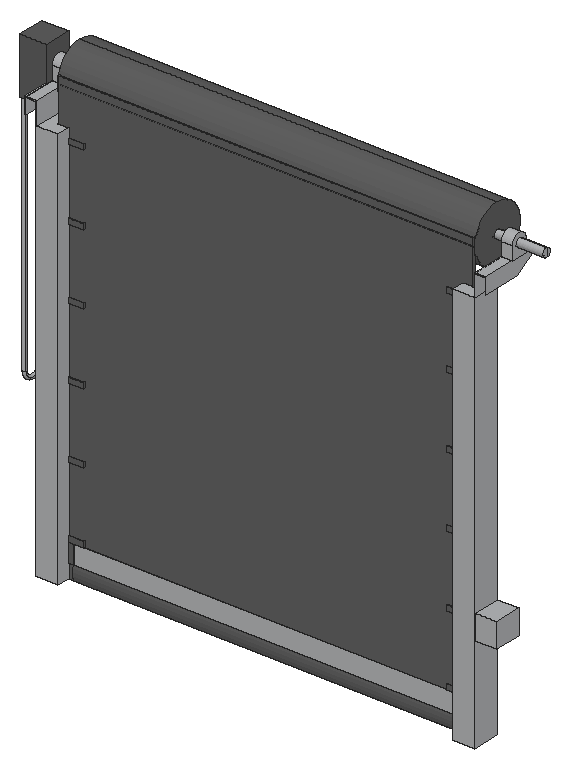
Revit family "Overhead_Door-CHI-MaxDock_Manual", category Specialty Equipment, host Wall, Revit 2025
Family settings
  Host = Wall
  Round Connector Dimension = Use Diameter
  Part Type = Normal
  OmniClass Number = 23.30.10.21
  OmniClass Title = Special Function Doors
  Enable Cutting in Views = No
  Always vertical = Yes
  Cut with Voids When Loaded = No
  Maintain Annotation Orientation = No
  Shared = No
  Room Calculation Point = No
Parameters (values of type "MaxDock - 100 - Gray - 1/4" Reinforced Rubber Curtain")
  Warranty URL = "https://www.chiohd.com/support/warranty"
  Vision Windows [instance] = no
  Version = "2021-v1.a"  # constant formula
  URL = "https://www.chiohd.com/"
  Support Phone = "(224) 699-9545"  # constant formula
  Support Email = "mailto:support@bimsmith.com"
  Steel Gauge = "1/4\""  # constant formula
  Shutter Box Height = 1' - 1"  # constant formula
  Product Page URL = "https://www.chiohd.com/commercial-doors/high-performance/maxdock"
  Product Documentation Link = "https://www.chiohd.com/hubfs/PMax/maxdock.pdf"
  Panel Thickness = 0' - 0 1/4"  # constant formula
  Opening Width [instance] = if(Desired Opening Width > C Max Width, C Max Width, if(Desired Opening Width < C Min Width, C Min Width, Desired Opening Width))  # 6' - 0"
  Opening Speed = "Manual"  # constant formula
  Opening Height [instance] = if(Desired Opening Height > C Max Height, C Max Height, if(Desired Opening Height < C Min Height, C Min Height, Desired Opening Height))  # 6' - 0"
  Model = "100"  # constant formula
  Manufacturer Phone Number = "800-738-5006"  # constant formula
  Manufacturer Fax Number = "800-677-2650"  # constant formula
  Manufacturer Email = "mailto:aia@chiohd.com"
  Manufacturer Address = "1485 Sunrise Drive, Arthur, IL 61911"  # constant formula
  Manufacturer = "C.H.I. Overhead Doors"  # constant formula
  Keynote = "08 30 00"
  Inside Hood Components [instance] = not(Hood Cover)  # yes
  Hood Cover [instance] = no
  Door Size Limits [instance] = "Min Size 6' x 6' │ Max Size 10' x 10'"  # constant formula
  Desired Opening Height [instance] = 6' - 0"
  Desired Opening Width [instance] = 6' - 0"
  Description = "Hight Performance Rubber Door"  # constant formula
  Default Elevation = 0' - 0"
  Curtain Material = Rubber - C.H.I Overhead Doors - Reinforced Black Rubber
  Copyright = "©2024 C.H.I. Overhead Doors - a NUCOR® company All information presented is based on the specifications and features available at the time of printing and is subject to change without notice."  # constant formula
  Closing Speed = "Manual"  # constant formula
  Door Rail Width = 0' - 4"  # constant formula
  Door Rail Depth = 0' - 5"  # constant formula
  Chain Length [instance] = Opening Width - 2' 2 3/4" - 0' 2 5/16"  # 3' - 6 15/16"
  C Min Width [instance] = 6' - 0"  # constant formula
  C Min Height [instance] = 6' - 0"  # constant formula
  C Max Width [instance] = 10' - 0"  # constant formula
  C Max Height [instance] = 10' - 0"  # constant formula
  Shutter Box Depth = 1' - 3"  # constant formula
  Assembly Code = "B2030410"
  Array Number [instance] = ((Opening Width - (0' 5 7/8") * 2) / 0' 10") - 0.49  # 6
Reference planes (in)
  plane 1: y = 0
  plane 2 "Center (Left/Right)": x = 0
  plane 3 "Wall Edge": y = 3
  plane 4: x = -36
  plane 5: x = 36
  plane 6: z = 73.59
  plane 7: z = 0
  plane 8: z = 86.59
  plane 9: y = 18
  plane 10: y = 8
  plane 11: x = 40
  plane 12: x = -40
  plane 13: y = 10.5
  plane 14: y = 5.375
  plane 15: z = 72
  plane 16: x = -47
  plane 17: z = 2.625
  plane 18: z = 6.125
  plane 19: x = 35
  plane 20: x = -35
  plane 21: z = 4.375
  plane 22: x = 30.125
  plane 23: x = -30.125
  plane 24: z = 73.59
  plane 25: z = 80.09
  plane 26: z = 77.6669
  plane 27: x = 42
  plane 28: x = -42
  plane 29: y = 5.5
  plane 30: x = 38
  plane 31: x = -38
  plane 32: x = 18
  plane 33: x = -18
  plane 34: z = 60
  plane 35: z = 26.75
  plane 36: x = 47
Forms (in)
  Extrusion 1, solid, material "Metal - Powder Coat - C.H.I Overhead Doors - Gray"
    sketch origin (0, 0, 0) x (1, 0, 0) y (0, 1, 0)
      loop
        line (-40, 8) -> (-40, 3) -> (-36, 3) -> (-36, 5.375) -> (-38, 5.375) -> (-38, 5.625) -> (-36, 5.625) -> (-36, 8) -> (-40, 8)
      loop
        line (40, 3) -> (40, 8) -> (36, 8) -> (36, 5.625) -> (38, 5.625) -> (38, 5.375) -> (36, 5.375) -> (36, 3) -> (40, 3)
    from 0 to 73.59
  Extrusion 2, solid, material "Rubber - C.H.I Overhead Doors - Reinforced Black Rubber", detail levels fine
    sketch origin (0, 0, 0) x (0, 1, 0) y (0, 0, 1)
      loop
        line (5.625, 2.625) -> (5.375, 2.625)
        arc (5.375, 2.625) -> (5.11631, 1.3125) -> (5.375, 0) r 3.45891
        line (5.375, 0) -> (5.625, 0)
        arc (5.625, 0) -> (5.8674, 1.3125) -> (5.625, 2.625) r 3.67448
    from -35 to 35
  Extrusion 3, solid, material "Metal - Powder Coat - C.H.I Overhead Doors - Gray", visible <- "Inside Hood Components"
    sketch origin (0, 6.875, 0) x (-1, 0, 0) y (0, 0, 1)
      loop
        line (-41.8882, 77.5419) -> (-40, 77.5419) -> (-40, 73.59) -> (-39.875, 73.59) -> (-39.875, 77.6669) -> (-42, 77.6669) -> (-42, 74.74078) -> (-41.8882, 74.74078) -> (-41.8882, 77.5419)
      loop
        line (41.8882, 77.5419) -> (41.8882, 74.74078) -> (42, 74.74078) -> (42, 77.6669) -> (39.875, 77.6669) -> (39.875, 73.59) -> (40, 73.59) -> (40, 77.5419) -> (41.8882, 77.5419)
    from -3.875 to 11.125
  Extrusion 4, void
    sketch origin (0, 0, 0) x (0, 1, 0) y (0, 0, 1)
      loop
        line (18, 79.5419) -> (8, 73.59) -> (18, 73.59) -> (18, 79.5419)
    from -47 to 42
  Revolve 5, solid, material "Rubber - C.H.I Overhead Doors - Reinforced Black Rubber" <- "Curtain Material", visible <- "Inside Hood Components"
    sketch origin (-51.88388, 10.5, 240) x (-1, 0, 0) y (0, 0, 1)
      loop
        line (-98.88388, -159.91) -> (-4.88387, -159.91) -> (-4.88387, -159.16) -> (-98.88388, -159.16) -> (-98.88388, -159.91)
      axis (-98.88388, -159.91) -> (-4.88387, -159.91)
    angle from 0 to 360
  Extrusion 6, solid, material "Metal - Powder Coat - C.H.I Overhead Doors - Gray", visible <- "Inside Hood Components"
    sketch origin (59, 9, 117.1959) x (0, 0, 1) y (0, 1, 0)
      loop
        line (-37.1059, 3) -> (-39.529, 3) -> (-39.529, 0) -> (-37.1059, 0)
        arc (-37.1059, 0) -> (-35.6059, 1.5) -> (-37.1059, 3) r 1.5
    from 17 to 19
  Extrusion 7, solid, material "Metal - Powder Coat - C.H.I Overhead Doors - Gray", visible <- "Inside Hood Components"
    sketch origin (-59.48062, 9, 117.119) x (0, 0, 1) y (0, -1, 0)
      loop
        arc (-37.029, -3) -> (-35.529, -1.5) -> (-37.029, 0) r 1.5
        line (-37.029, 0) -> (-39.45211, 0) -> (-39.45211, -3) -> (-37.029, -3)
    from 17.48062 to 19.48062
  Extrusion 8, solid, material "Metal - C.H.I Overhead Doors - Black", visible <- "Inside Hood Components"
    sketch origin (-47, 9, 105.26562) x (0, 0, 1) y (0, 1, 0)
      loop
        line (-21.34671, 4) -> (-31.67562, 4) -> (-31.67562, -1) -> (-21.34671, -1) -> (-21.34671, 4)
    from 0 to -5
  Extrusion 9, solid, material "Metal - Powder Coat - C.H.I Overhead Doors - Gray", detail levels medium+fine
    sketch origin (-36, 47.86052, 48) x (0, 1, 0) y (0, 0, 1)
      loop
        line (-42.05974, -41.875) -> (-42.6613, -41.875) -> (-42.6613, -45.375) -> (-42.05974, -45.375) -> (-42.05974, -41.875)
    from 1 to 71
  Sweep 10, solid, material "Metal - Powder Coat - C.H.I Overhead Doors - Gray", detail levels medium+fine
    path origin (-47, 9, 105.26562) x (0, 0, 1) y (0, 1, 0)
      loop
        line (-31.67562, 3.33333) -> (-76.4067, 3.33333)
        arc (-76.4067, 3.33333) -> (-78.24003, 1.5) -> (-76.4067, -0.33333) r 1.83333
        line (-76.4067, -0.33333) -> (-31.67562, -0.33333)
    profile origin (-47, 12.33333, 51.22446) x (-1, 0, 0) y (0, -1, 0)
      loop
        circle (-0.31348, 0) r 0.31348
  Extrusion 11, solid, material "Metal - Powder Coat - C.H.I Overhead Doors - Gray"
    sketch origin (0, 3, 0) x (1, 0, 0) y (0, 0, 1)
      loop
        line (44, 22.125) -> (40, 22.125) -> (40, 17.625) -> (44, 17.625) -> (44, 22.125)
    from 0 to -5
  Extrusion 12, solid, material "Rubber - C.H.I Overhead Doors - Reinforced Black Rubber" <- "Curtain Material"
    sketch origin (-47, 9, 105.26562) x (0, 0, 1) y (0, 1, 0)
      loop
        circle (-25.17562, 1.5) r 5.125
    from -9 to -85
  Extrusion 13, solid, material "Metal - Powder Coat - C.H.I Overhead Doors - Gray", visible <- "Hood Cover"
    sketch origin (-47, 9, 105.26562) x (0, 0, 1) y (0, 1, 0)
      loop
        line (-13.67562, -6) -> (-13.67562, 12) -> (-31.67562, 12) -> (-31.67562, -6) -> (-13.67562, -6)
    from -89 to 0
Cuts and joins
  Extrusion 4 cuts Extrusion 3
Lines and regions (in)
  Opening 1
    outline origin (-60, -3, 0) x (1, 0, 0) y (0, 0, 1)
      loop
        line (96, 72) -> (24, 72) -> (24, 0) -> (96, 0) -> (96, 72)
  model lines, detail levels fine
    curve 1: circle (30.125, 5.19922, 4.375) r 0.5 normal (0, 1, 0)
    curve 2: circle (-30.125, 5.19922, 4.375) r 0.5 normal (0, 1, 0)
    curve 3: circle (18.075, 5.19922, 4.375) r 0.5 normal (0, 1, 0)
    curve 4: circle (6.025, 5.19922, 4.375) r 0.5 normal (0, 1, 0)
    curve 5: circle (-6.025, 5.19922, 4.375) r 0.5 normal (0, 1, 0)
    curve 6: circle (-18.075, 5.19922, 4.375) r 0.5 normal (0, 1, 0)
Text (in)
  text "Placement Side" at (0, 40.15149, 123.01588), in view "Right"
  text "Placement Side" at (-85.69711, 32.58532, 0), in view "Ref. Level"
  text "Placement Side" at (0, 92.16658, 149.30195), in view "Left"
Dimensions and locks (in)
  locked: plane 3 "Wall Edge" to host wall
  "Shutter Box Depth": plane 9 to plane 3 "Wall Edge"
  "Door Rail Depth": plane 10 to plane 3 "Wall Edge"
  equal spacing: plane 9, plane 13, plane 3 "Wall Edge"
  locked: plane 4 to plane 16 at 11
  "Opening Height": plane 7 to plane 15
  "Opening Width": plane 5 to plane 4
  equal spacing: plane 5, plane 2 "Center (Left/Right)", plane 4  (x2)
  "Shutter Box Height": plane 6 to plane 8
  equal spacing: plane 11, plane 2 "Center (Left/Right)", plane 12
  "Door Rail Width": plane 11 to plane 5
  locked: plane 17 to plane 18 at 3.5
  locked: plane 7 to plane 17 at 2.625
  equal spacing: plane 20, plane 2 "Center (Left/Right)", plane 19
  locked: plane 19 to plane 5 at 1
  equal spacing: plane 17, plane 21, plane 18
  locked: plane 22 to plane 5 at 5.875
  locked: plane 23 to plane 4 at 5.875
  equal spacing: group 2, group 16, group 5, group 4, group 3, group 1
  equal spacing: group 1, group 3, group 4, group 5, group 16, group 2  (x2)
  equal spacing: group 6, group 8, group 9, group 10, group 17, group 7  (x3)
  equal spacing: group 11, group 13, group 14, group 15, group 18, group 12  (x3)
  Extrusion 2 sketch curve to plane 14 to Extrusion 2 sketch curve = 0' - 3.20022" locked, 0' - 3.18208" locked
  plane 11 to plane 5 = 0' - 4"
  locked: Extrusion 3 sketch curve to plane 11 at 0.125
  locked: Extrusion 3 sketch curve to plane 12 at 0.125
  locked: Extrusion 3 sketch curve to Extrusion 3 sketch curve at 0.1118  (x2)
  locked: Extrusion 4 sketch curve to plane 6 at 5.9519
  locked: plane 8 to plane 24 at 13
  equal spacing: plane 8, plane 25, plane 24
  locked: plane 25 to Revolve 5 sketch curve at 0.75
  Extrusion 6 to plane 13 to Extrusion 6 = 0' - 1 1/2", 0' - 1 1/2"
  locked: Extrusion 7 sketch curve to Extrusion 7 sketch curve at 3
  plane 25 to Extrusion 7 sketch curve = 0' - 2.4231"
  locked: plane 25 to Extrusion 6 sketch curve at 2.4231
  plane 24 to Extrusion 3 sketch curve to Extrusion 3 sketch curve = 0' - 3.9519" locked, 0' - 0 1/8" locked  (x2)
  locked: plane 12 to Extrusion 3 sketch curve at 1.8882
  plane 24 to cut or joined group of Extrusion 3, Extrusion 4 = 0' - 1.15078"
  locked: plane 24 to Extrusion 3 sketch curve at 1.15078  (x2)
  locked: plane 26 to plane 25 at 2.4231
  locked: plane 11 to plane 27 at 2
  locked: plane 12 to plane 28 at 2
  equal spacing: Extrusion 8 sketch curve, plane 13, plane 10
  locked: Extrusion 8 sketch curve to plane 10 at 5
  locked: plane 26 to Extrusion 8 sketch curve at 6.25202
  locked: plane 29 to plane 14 at 0.125
  locked: plane 31 to plane 4 at 2
  locked: plane 5 to plane 30 at 2
  Extrusion 9 sketch curve to plane 29 to Extrusion 9 sketch curve = 0' - 0 77/256" locked, 0' - 0 77/256" locked
  equal spacing: Sweep 10 sketch curve, plane 13, Sweep 10 sketch curve
  locked: Sweep 10 sketch curve to plane 13 at 1.83333
  locked: profile plane to Sweep 10 sketch curve at 0.31348
  locked: plane 14 to Extrusion 1 sketch curve at 0.25  (x2)
  locked: curve 1 to plane 22 at 0.5
  locked: plane 23 to curve 2 at 0.5
  locked: Extrusion 11 sketch curve to Extrusion 11 sketch curve at 4.5
  locked: Extrusion 11 sketch curve to Extrusion 11 sketch curve at 4
  locked: plane 7 to Extrusion 11 sketch curve at 17.625
  equal spacing: plane 5, plane 32, plane 2 "Center (Left/Right)"
  equal spacing: plane 2 "Center (Left/Right)", plane 33, plane 4
  locked: plane 7 to plane 34 at 60
  equal spacing: plane 10, plane 29, plane 3 "Wall Edge"
  locked: plane 8 to Extrusion 8 at 2.67108
  locked: Extrusion 8 to plane 10 at 5
  locked: plane 7 to plane 35 at 26.75
  plane 15 to plane 24 = 0' - 1.59"
  locked: plane 35 to Sweep 10 sketch curve at 0.27559
  locked: plane 15 to plane 24 at 1.59
  locked: plane 36 to plane 5 at 11
  locked: Extrusion 13 sketch curve to plane 3 "Wall Edge" at 18
  locked: Extrusion 13 sketch curve to plane 24 at 18
  radius of Extrusion 2 sketch curve = 0' - 3.45891"
  radius of Extrusion 2 sketch curve = 0' - 3.67448"
  radius of Extrusion 7 sketch curve = 0' - 1 1/2"
  radius of Extrusion 6 sketch curve = 0' - 1 1/2"
  radius of Sweep 10 sketch curve = 0' - 1.83333"
  radius of Sweep 10 sketch curve = 0' - 0.31348"
  radius of Extrusion 12 sketch curve = 0' - 5 1/8"
  aligned and locked: plane 5 to Opening 1 sketch curve
  aligned and locked: plane 4 to Opening 1 sketch curve
  aligned and locked: plane 7 to Opening 1 sketch curve
  aligned and locked: plane 10 to Extrusion 1 sketch curve
  aligned and locked: Extrusion 1 sketch curve to plane 3 "Wall Edge"  (x2)
  aligned and locked: Extrusion 1 sketch curve to plane 4  (x2)
  aligned and locked: plane 12 to Extrusion 1 sketch curve
  aligned and locked: Extrusion 1 sketch curve to plane 11
  aligned and locked: Extrusion 1 sketch curve to plane 10
  aligned and locked: plane 6 to Extrusion 1
  aligned and locked: plane 4 to nested 1
  aligned and locked: plane 4 to nested 2
  aligned and locked: nested 2 to plane 17
  aligned and locked: nested 3 to plane 15
  aligned and locked: plane 4 to nested 3
  aligned and locked: plane 5 to nested 7
  aligned and locked: nested 7 to plane 18
  aligned and locked: plane 15 to nested 8
  aligned and locked: plane 5 to nested 8
  aligned and locked: plane 17 to nested 12
  aligned and locked: plane 5 to nested 12
  aligned and locked: Extrusion 2 sketch curve to plane 17
  aligned and locked: Extrusion 2 sketch curve to plane 7
  aligned and locked: Extrusion 3 sketch curve to plane 11
  aligned and locked: Extrusion 3 sketch curve to plane 6
  aligned and locked: plane 12 to Extrusion 3 sketch curve
  aligned and locked: plane 6 to Extrusion 3 sketch curve
  aligned and locked: plane 3 "Wall Edge" to Extrusion 3
  aligned and locked: plane 9 to Extrusion 3
  aligned and locked: plane 6 to Extrusion 4 sketch curve
  aligned and locked: Extrusion 4 sketch curve to plane 9
  aligned and locked: plane 10 to Extrusion 4 sketch curve
  aligned and locked: plane 16 to Extrusion 4
  aligned and locked: Revolve 5 sketch curve to plane 25
  aligned and locked: Revolve 5 sketch curve to Revolve 5 sketch curve  (x2)
  aligned and locked: plane 25 to Extrusion 6 sketch curve
  aligned and locked: plane 13 to Extrusion 6 sketch curve
  aligned and locked: plane 11 to Extrusion 6
  aligned and locked: plane 12 to Extrusion 7
  aligned and locked: plane 13 to Extrusion 7 sketch curve
  aligned and locked: plane 16 to Revolve 5 sketch curve
  aligned and locked: Extrusion 6 to cut or joined group of Extrusion 3, Extrusion 4
  aligned and locked: cut or joined group of Extrusion 3, Extrusion 4 to Extrusion 7
  aligned and locked: plane 26 to Extrusion 7  (x2)
  aligned and locked: cut or joined group of Extrusion 3, Extrusion 4 to plane 26  (x2)
  aligned and locked: plane 26 to Extrusion 6
  aligned and locked: cut or joined group of Extrusion 3, Extrusion 4 to plane 27
  aligned and locked: cut or joined group of Extrusion 3, Extrusion 4 to plane 28
  aligned and locked: Extrusion 7 to plane 28
  aligned and locked: plane 25 to Extrusion 7 sketch curve
  aligned and locked: plane 10 to Extrusion 8  (x2)
  aligned and locked: Extrusion 8 sketch curve to plane 10
  aligned and locked: plane 28 to Extrusion 8
  aligned and locked: nested 3 to plane 29
  aligned and locked: plane 29 to nested 8
  aligned and locked: nested 1 to plane 29
  aligned and locked: plane 29 to nested 7
  aligned and locked: nested 2 to plane 29
  aligned and locked: plane 29 to nested 12
  aligned and locked: plane 18 to Extrusion 9 sketch curve
  aligned and locked: plane 17 to Extrusion 9 sketch curve
  aligned and locked: Extrusion 2 to plane 20
  aligned and locked: Extrusion 2 to plane 19
  aligned and locked: Extrusion 9 to plane 19
  aligned and locked: Extrusion 9 to plane 20
  aligned and locked: profile plane to Sweep 10 sketch curve
  aligned and locked: plane 14 to Extrusion 1 sketch curve
  aligned and locked: plane 5 to Extrusion 1 sketch curve
  aligned and locked: Extrusion 1 sketch curve to plane 5
  aligned and locked: Extrusion 1 sketch curve to plane 14
  aligned and locked: Extrusion 1 sketch curve to plane 30
  aligned and locked: Extrusion 4 to plane 27
  aligned and locked: Extrusion 11 sketch curve to plane 11
  aligned and locked: Extrusion 1 to Extrusion 11
  aligned and locked: Extrusion 8 to plane 24
  aligned and locked: Opening 1 sketch curve to plane 15
  aligned and locked: plane 24 to Extrusion 8 sketch curve
  aligned and locked: plane 16 to Extrusion 8
  aligned and locked: Extrusion 8 to plane 28
  aligned and locked: Revolve 5 to plane 36
  aligned and locked: plane 25 to Extrusion 12 sketch curve
  aligned and locked: plane 13 to Extrusion 12 sketch curve
  aligned and locked: plane 31 to Extrusion 12
  aligned and locked: plane 30 to Extrusion 12
  aligned and locked: Extrusion 13 sketch curve to plane 24
  aligned and locked: Extrusion 13 to plane 27
  aligned and locked: Extrusion 13 to plane 16
  aligned and locked: plane 2 "Center (Left/Right)" to nested 15
  aligned and locked: nested 15 to plane 29
Automatic sketch dimensions
  Extrusion 2 sketch curve to plane 14 = 0' - 0"
  Extrusion 2 sketch curve to plane 14 = 0' - 0 1/4"
  Extrusion 1 sketch curve to plane 31 = 0' - 0"
  Extrusion 3 sketch curve to plane 27 = 0' - 0"
  Sweep 10 sketch curve to plane 24 = 0' - 0"  (x2)
  Revolve 5 sketch curve to plane 27 = 0' - 5"
  Revolve 5 sketch curve to Revolve 5 sketch curve = 2' - 0"
  Extrusion 13 sketch curve to host wall = 0' - 0"
  radius of curve 2 = 0' - 0 1/2"
  radius of curve 1 = 0' - 0 1/2"
  radius of curve 3 = 0' - 0 1/2"
  radius of curve 4 = 0' - 0 1/2"
  radius of curve 5 = 0' - 0 1/2"
  radius of curve 6 = 0' - 0 1/2"
Nested families (in)
  nested 1: "Accesory" at (-36, 5.5, 2.625), type "Panel Guide", detail levels fine
    with Guide yes, Bottom no
  nested 2: "Accesory" at (-36, 5.5, 2.625), type "Panel Guide", detail levels fine
    with Guide no, Bottom yes
  nested 3: "Accesory" at (-36, 5.5, 67.5), type "Panel Guide", detail levels fine
    with Guide yes, Bottom no
  nested 4: "Accesory" at (-36, 5.5, 15.6), type "Panel Guide", detail levels fine
    with Guide yes, Bottom no
  nested 5: "Accesory" at (-36, 5.5, 28.575), type "Panel Guide", detail levels fine
    with Guide yes, Bottom no
  nested 6: "Accesory" at (-36, 5.5, 41.55), type "Panel Guide", detail levels fine
    with Guide yes, Bottom no
  nested 7: "Accesory" at (36, 5.5, 2.625) x (-1, 0, 0) z (0, 0, 1), type "Panel Guide", detail levels fine
    with Guide yes, Bottom no
  nested 8: "Accesory" at (36, 5.5, 67.5) x (-1, 0, 0) z (0, 0, 1), type "Panel Guide", detail levels fine
    with Guide yes, Bottom no
  nested 9: "Accesory" at (36, 5.5, 15.6) x (-1, 0, 0) z (0, 0, 1), type "Panel Guide", detail levels fine
    with Guide yes, Bottom no
  nested 10: "Accesory" at (36, 5.5, 28.575) x (-1, 0, 0) z (0, 0, 1), type "Panel Guide", detail levels fine
    with Guide yes, Bottom no
  nested 11: "Accesory" at (36, 5.5, 41.55) x (-1, 0, 0) z (0, 0, 1), type "Panel Guide", detail levels fine
    with Guide yes, Bottom no
  nested 12: "Accesory" at (36, 5.5, 2.625) x (-1, 0, 0) z (0, 0, 1), type "Panel Guide", detail levels fine
    with Guide no, Bottom yes
  nested 13: "Accesory" at (-36, 5.5, 54.525), type "Panel Guide", detail levels fine
    with Guide yes, Bottom no
  nested 14: "Accesory" at (36, 5.5, 54.525) x (-1, 0, 0) z (0, 0, 1), type "Panel Guide", detail levels fine
    with Guide yes, Bottom no
  nested 15: "Nested-Curtain_wWindows" at (0, 5.5, 0), Opening Height <- "Opening Height", Opening Width <- "Opening Width", Windows <- "Vision Windows", type "Default"
    with Windows no, Single Window yes, Opening Width 6' - 0", Opening Height 6' - 0", C Single Window no, C Multiple Windows no, Array QTY 2
Definition of nested family "Accesory"
  Parameters (values of type "Panel Guide")
    Guide [instance] = yes
    Default Elevation = 0' - 0"
    Bottom [instance] = yes
  Reference planes (in)
    plane 1 "Center (Front/Back)": y = 0
    plane 2: z = 0
    plane 3 "Center (Left/Right)": x = 0
  Forms (in)
    Extrusion 1, solid, visible <- "Bottom"
      sketch origin (0, 0, 0) x (1, 0, 0) y (0, 0, 1)
        loop
          line (0, 0) -> (1, 0) -> (1, 3.5) -> (0, 3.5) -> (0, 0)
      from -0.30078 to 0.30078
    Extrusion 2, solid, visible <- "Guide"
      sketch origin (0, 0, 0) x (1, 0, 0) y (0, 0, 1)
        loop
          line (0, 4.5) -> (0, 3.5) -> (2.875, 3.5) -> (2.875, 4.5) -> (0, 4.5)
      from -0.30078 to 0.30078
  Dimensions and locks (in)
    locked: Extrusion 1 sketch curve to plane 2 at 3.5
    locked: plane 3 "Center (Left/Right)" to Extrusion 1 sketch curve at 1
    aligned and locked: level to plane 2
    aligned and locked: Extrusion 2 sketch curve to Extrusion 1  (x2)
Definition of nested family "Nested-Curtain_wWindows"
  Parameters (values of type "Default")
    Windows [instance] = yes
    Window Material = none
    Top Offset = 0' - 9 1/2"
    Thickness = 0' - 0 1/4"
    Single Window [instance] = (Opening Width / 6) < 2' 0"  # yes
    C Single Window [instance] = and(Single Window, Windows)  # yes
    Side Offset = 0' - 1 3/4"
    Opening Width [instance] = 6' - 0"
    Opening Height [instance] = 6' - 0"
    Material = none
    Default Elevation = 0' - 0"
    C Multiple Windows [instance] = and(not(C Single Window), Windows)  # no
    Array QTY [instance] = if((Opening Width / 6) < 2' 0", 2, Opening Width / 6' 0") - 0.49  # 2
  Reference planes (in)
    plane 1 "Center (Front/Back)": y = 0
    plane 2: z = 0
    plane 3 "Center (Left/Right)": x = 0
    plane 4: x = -6
    plane 5: x = 36
    plane 6: z = 72
    plane 7: y = -0.125
    plane 8: x = 37.75
    plane 9: x = -37.75
    plane 10: z = 81.5
    plane 11: y = 0.125
    plane 12: z = 60
    plane 13: z = 53
    plane 14: x = -36
    plane 15: x = 6
  Forms (in)
    Extrusion 1, solid, material <- "Material"
      sketch origin (0, 0, 0) x (1, 0, 0) y (0, 1, 0)
        loop
          line (-37.75, 0.125) -> (-37.75, -0.125) -> (37.75, -0.125) -> (37.75, 0.125) -> (-37.75, 0.125)
      from 0 to 81.5
    Extrusion 2, void
      sketch origin (61, 0, 36) x (1, 0, 0) y (0, 0, 1)
        loop
          line (-67, 31) -> (-67, 17) -> (-53, 17) -> (-53, 31) -> (-67, 31)
      from -0.125 to 0.125
    Extrusion 3, solid, material <- "Window Material", visible <- "C Single Window"
      sketch origin (0, 0, 0) x (1, 0, 0) y (0, 0, 1)
        loop
          line (-7, 67) -> (-7, 53) -> (7, 53) -> (7, 67) -> (-7, 67)
      from -0.125 to 0.125
    Extrusion 4, void
      sketch origin (0, 0, 0) x (1, 0, 0) y (0, 0, 1)
        loop
          line (-7, 67) -> (-7, 53) -> (7, 53) -> (7, 67) -> (-7, 67)
      from -15.44047 to 18.50221
    Extrusion 5, solid, material <- "Window Material", visible <- "C Single Window"
      sketch origin (72, 0, 0) x (1, 0, 0) y (0, 0, 1)
        loop
          line (-79, 67) -> (-79, 53) -> (-65, 53) -> (-65, 67) -> (-79, 67)
      from -0.125 to 0.125
    Extrusion 6, void
      sketch origin (59, 0, 36) x (1, 0, 0) y (0, 0, 1)
        loop
          line (-67, 31) -> (-67, 17) -> (-53, 17) -> (-53, 31) -> (-67, 31)
      from -0.125 to 0.125
    Extrusion 7, solid, material <- "Window Material", visible <- "C Multiple Windows"
      sketch origin (144, 0, 0) x (1, 0, 0) y (0, 0, 1)
        loop
          line (-150, 67) -> (-150, 53) -> (-136, 53) -> (-136, 67) -> (-150, 67)
      from -0.125 to 0.125
    Extrusion 8, solid, material <- "Window Material", visible <- "C Multiple Windows"
      sketch origin (142, 0, 0) x (1, 0, 0) y (0, 0, 1)
        loop
          line (-150, 67) -> (-150, 53) -> (-136, 53) -> (-136, 67) -> (-150, 67)
      from -0.125 to 0.125
  Cuts and joins
    Extrusion 2, Extrusion 4, Extrusion 6 cuts Extrusion 1
  Lines and regions (in)
    Filled region 1, type "Patterns Rolling Fire-1", in view "Ref. Level"
      outline origin (0, 0, 0) x (1, 0, 0) y (0, 1, 0)
        loop
          spline (50.1322, 3.626) -> (50.12824, 3.62284) -> (50.12454, 3.61919) -> (50.12112, 3.61503) -> (50.11797, 3.61037) -> (50.11508, 3.6052) -> (50.11247, 3.59953) -> (50.1102, 3.59342) -> (50.10834, 3.58692) -> (50.1069, 3.58004) -> (50.10587, 3.57278) -> (50.10525, 3.56514) -> (50.10504, 3.55712)
          spline (50.10504, 3.55712) -> (50.10512, 3.55237) -> (50.10536, 3.54774) -> (50.10576, 3.54322) -> (50.10632, 3.53882) -> (50.10704, 3.53454) -> (50.10793, 3.53037) -> (50.10897, 3.52631) -> (50.11018, 3.52238) -> (50.11154, 3.51856) -> (50.11307, 3.51485) -> (50.11476, 3.51126) -> (50.11661, 3.50779)
          spline (50.11661, 3.50779) -> (50.12135, 3.50036) -> (50.12649, 3.49428) -> (50.13202, 3.48956) -> (50.13787, 3.48619) -> (50.14437, 3.48417) -> (50.15021, 3.48347) -> (50.15452, 3.48371) -> (50.15804, 3.48438) -> (50.16143, 3.48546) -> (50.16507, 3.487) -> (50.16876, 3.48897) -> (50.17246, 3.49138)
          spline (50.17246, 3.49138) -> (50.1743, 3.49278) -> (50.17608, 3.4943) -> (50.17781, 3.49595) -> (50.17948, 3.49774) -> (50.1811, 3.49966) -> (50.18266, 3.50171) -> (50.18417, 3.5039) -> (50.18562, 3.50622) -> (50.18702, 3.50866) -> (50.18836, 3.51125) -> (50.18965, 3.51396) -> (50.19088, 3.5168)
          spline (50.19088, 3.5168) -> (50.19308, 3.52285) -> (50.19488, 3.52932) -> (50.19629, 3.53621) -> (50.1973, 3.5434) -> (50.1979, 3.55113) -> (50.19809, 3.56051) -> (50.19763, 3.57075) -> (50.19626, 3.58142) -> (50.19398, 3.5914) -> (50.19078, 3.60043) -> (50.18667, 3.60863) -> (50.18165, 3.61601)
          spline (50.18165, 3.61601) -> (50.17717, 3.62117) -> (50.17248, 3.62539) -> (50.16765, 3.62867) -> (50.16264, 3.63102) -> (50.15707, 3.63238) -> (50.1521, 3.63288) -> (50.1485, 3.63271) -> (50.14527, 3.6321) -> (50.14195, 3.63115) -> (50.13863, 3.62983) -> (50.13539, 3.62811) -> (50.1322, 3.626)
    Filled region 2, type "Patterns Rolling Fire-1", in view "Ref. Level"
      outline origin (0, 0, 0) x (1, 0, 0) y (0, 1, 0)
        loop
          spline (50.24085, 3.626) -> (50.23688, 3.62284) -> (50.23319, 3.61919) -> (50.22977, 3.61503) -> (50.22661, 3.61037) -> (50.22373, 3.6052) -> (50.22112, 3.59953) -> (50.21885, 3.59342) -> (50.21699, 3.58692) -> (50.21555, 3.58004) -> (50.21452, 3.57278) -> (50.21389, 3.56514) -> (50.21369, 3.55712)
          spline (50.21369, 3.55712) -> (50.21377, 3.55237) -> (50.21401, 3.54774) -> (50.21441, 3.54322) -> (50.21497, 3.53882) -> (50.21569, 3.53454) -> (50.21658, 3.53037) -> (50.21762, 3.52631) -> (50.21883, 3.52238) -> (50.22019, 3.51856) -> (50.22172, 3.51485) -> (50.22341, 3.51126) -> (50.22526, 3.50779)
          spline (50.22526, 3.50779) -> (50.23, 3.50036) -> (50.23514, 3.49428) -> (50.24067, 3.48956) -> (50.24652, 3.48619) -> (50.25302, 3.48417) -> (50.25886, 3.48347) -> (50.26317, 3.48371) -> (50.26668, 3.48438) -> (50.27008, 3.48546) -> (50.27371, 3.487) -> (50.27741, 3.48897) -> (50.28111, 3.49138)
          spline (50.28111, 3.49138) -> (50.28295, 3.49278) -> (50.28473, 3.4943) -> (50.28646, 3.49595) -> (50.28813, 3.49774) -> (50.28975, 3.49966) -> (50.29131, 3.50171) -> (50.29282, 3.5039) -> (50.29427, 3.50622) -> (50.29567, 3.50866) -> (50.29701, 3.51125) -> (50.29829, 3.51396) -> (50.29953, 3.5168)
          spline (50.29953, 3.5168) -> (50.30173, 3.52285) -> (50.30353, 3.52932) -> (50.30494, 3.53621) -> (50.30594, 3.5434) -> (50.30655, 3.55113) -> (50.30674, 3.56051) -> (50.30628, 3.57075) -> (50.30491, 3.58142) -> (50.30263, 3.5914) -> (50.29943, 3.60043) -> (50.29532, 3.60863) -> (50.2903, 3.61601)
          spline (50.2903, 3.61601) -> (50.28582, 3.62117) -> (50.28113, 3.62539) -> (50.2763, 3.62867) -> (50.27129, 3.63102) -> (50.26571, 3.63238) -> (50.26075, 3.63288) -> (50.25715, 3.63271) -> (50.25392, 3.6321) -> (50.2506, 3.63115) -> (50.24728, 3.62983) -> (50.24404, 3.62811) -> (50.24085, 3.626)
    Filled region 3, type "Patterns Rolling Fire-1", in view "Ref. Level"
      outline origin (0, 0, 0) x (1, 0, 0) y (0, 1, 0)
        loop
          spline (50.46718, 4.22132) -> (50.46812, 4.2198) -> (50.46924, 4.2182) -> (50.47053, 4.21652) -> (50.472, 4.21477) -> (50.47365, 4.21293) -> (50.47547, 4.21102) -> (50.47747, 4.20902) -> (50.47964, 4.20695) -> (50.48199, 4.2048) -> (50.48451, 4.20257) -> (50.48721, 4.20026) -> (50.49009, 4.19787)
          spline (50.49009, 4.19787) -> (50.48743, 4.19591) -> (50.4849, 4.19398) -> (50.48251, 4.19208) -> (50.48026, 4.19021) -> (50.47814, 4.18837) -> (50.47615, 4.18655) -> (50.4743, 4.18477) -> (50.47259, 4.18301) -> (50.471, 4.18129) -> (50.46956, 4.17959) -> (50.46824, 4.17792) -> (50.46706, 4.17628)
          spline (50.46706, 4.17628) -> (50.46502, 4.17301) -> (50.46335, 4.16973) -> (50.46205, 4.16644) -> (50.46112, 4.16316) -> (50.46055, 4.15989) -> (50.46038, 4.15646) -> (50.46066, 4.15256) -> (50.46143, 4.14833) -> (50.46275, 4.1443) -> (50.4646, 4.14048) -> (50.46698, 4.13674) -> (50.46989, 4.1331)
          spline (50.46989, 4.1331) -> (50.47887, 4.12567) -> (50.49001, 4.12121) -> (50.50301, 4.11971) -> (50.51535, 4.12096) -> (50.52588, 4.1247) -> (50.53474, 4.13093) -> (50.54145, 4.13894) -> (50.54547, 4.14791) -> (50.54681, 4.15788) -> (50.54587, 4.16619) -> (50.54307, 4.17408) -> (50.53841, 4.18174)
          spline (50.53841, 4.18174) -> (50.53727, 4.18321) -> (50.53594, 4.18478) -> (50.53443, 4.18644) -> (50.53274, 4.18818) -> (50.53086, 4.19002) -> (50.52881, 4.19195) -> (50.52657, 4.19396) -> (50.52415, 4.19607) -> (50.52155, 4.19826) -> (50.51876, 4.20054) -> (50.51579, 4.20292) -> (50.51264, 4.20538)
          spline (50.51264, 4.20538) -> (50.51571, 4.20733) -> (50.51859, 4.20924) -> (50.52129, 4.2111) -> (50.52382, 4.21292) -> (50.52616, 4.2147) -> (50.52832, 4.21643) -> (50.5303, 4.21812) -> (50.53211, 4.21977) -> (50.53373, 4.22137) -> (50.53517, 4.22293) -> (50.53644, 4.22445) -> (50.53752, 4.22592)
          spline (50.53752, 4.22592) -> (50.53935, 4.22885) -> (50.54084, 4.23174) -> (50.542, 4.23454) -> (50.54283, 4.23729) -> (50.54333, 4.24018) -> (50.54348, 4.24339) -> (50.54316, 4.24704) -> (50.54225, 4.25107) -> (50.54072, 4.25501) -> (50.53857, 4.25866) -> (50.5358, 4.26215) -> (50.53242, 4.26551)
          spline (50.53242, 4.26551) -> (50.52854, 4.26852) -> (50.52428, 4.27098) -> (50.51963, 4.27289) -> (50.51455, 4.27425) -> (50.50901, 4.27507) -> (50.50319, 4.27533) -> (50.4973, 4.27504) -> (50.49163, 4.27416) -> (50.4864, 4.2727) -> (50.48163, 4.27065) -> (50.47726, 4.26802) -> (50.47329, 4.26481)
          spline (50.47329, 4.26481) -> (50.46985, 4.26117) -> (50.46704, 4.25732) -> (50.46485, 4.25323) -> (50.46328, 4.24889) -> (50.46237, 4.24438) -> (50.46203, 4.24008) -> (50.46214, 4.23649) -> (50.4626, 4.23337) -> (50.46333, 4.23035) -> (50.46433, 4.22731) -> (50.46561, 4.22429) -> (50.46718, 4.22132)
    Filled region 4, type "Patterns Rolling Fire-1", in view "Ref. Level"
      outline origin (0, 0, 0) x (1, 0, 0) y (0, 1, 0)
        loop
          spline (52.57083, 5.04013) -> (52.57178, 5.03861) -> (52.5729, 5.03701) -> (52.57419, 5.03533) -> (52.57567, 5.03358) -> (52.57731, 5.03174) -> (52.57913, 5.02983) -> (52.58113, 5.02783) -> (52.58331, 5.02576) -> (52.58566, 5.02361) -> (52.58818, 5.02138) -> (52.59088, 5.01907) -> (52.59376, 5.01668)
          spline (52.59376, 5.01668) -> (52.5911, 5.01472) -> (52.58857, 5.01279) -> (52.58618, 5.01089) -> (52.58393, 5.00902) -> (52.5818, 5.00718) -> (52.57982, 5.00536) -> (52.57796, 5.00358) -> (52.57625, 5.00182) -> (52.57466, 5.0001) -> (52.57321, 4.9984) -> (52.5719, 4.99673) -> (52.57072, 4.99509)
          spline (52.57072, 4.99509) -> (52.56868, 4.99182) -> (52.56701, 4.98854) -> (52.5657, 4.98525) -> (52.56477, 4.98197) -> (52.5642, 4.9787) -> (52.56403, 4.97527) -> (52.56431, 4.97137) -> (52.56509, 4.96714) -> (52.5664, 4.96311) -> (52.56826, 4.95929) -> (52.57064, 4.95555) -> (52.57354, 4.95191)
          spline (52.57354, 4.95191) -> (52.57778, 4.94783) -> (52.58253, 4.94448) -> (52.5878, 4.94188) -> (52.59368, 4.94002) -> (52.60006, 4.9389) -> (52.60669, 4.93852) -> (52.61311, 4.93883) -> (52.61901, 4.93977) -> (52.62448, 4.94133) -> (52.62955, 4.94351) -> (52.63419, 4.94632) -> (52.63841, 4.94974)
          spline (52.63841, 4.94974) -> (52.64209, 4.95362) -> (52.6451, 4.95774) -> (52.64745, 4.96212) -> (52.64912, 4.96676) -> (52.65012, 4.97174) -> (52.65046, 4.97679) -> (52.65025, 4.98113) -> (52.64953, 4.985) -> (52.64835, 4.98887) -> (52.64672, 4.9928) -> (52.64463, 4.99672) -> (52.64207, 5.00055)
          spline (52.64207, 5.00055) -> (52.64093, 5.00202) -> (52.6396, 5.00359) -> (52.6381, 5.00525) -> (52.63641, 5.00699) -> (52.63453, 5.00883) -> (52.63248, 5.01076) -> (52.63024, 5.01277) -> (52.62782, 5.01488) -> (52.62522, 5.01707) -> (52.62243, 5.01935) -> (52.61947, 5.02173) -> (52.61632, 5.02419)
          spline (52.61632, 5.02419) -> (52.61938, 5.02614) -> (52.62226, 5.02805) -> (52.62496, 5.02991) -> (52.62748, 5.03173) -> (52.62982, 5.03351) -> (52.63198, 5.03524) -> (52.63396, 5.03693) -> (52.63576, 5.03858) -> (52.63738, 5.04018) -> (52.63883, 5.04174) -> (52.64009, 5.04326) -> (52.64118, 5.04473)
          spline (52.64118, 5.04473) -> (52.643, 5.04766) -> (52.64449, 5.05055) -> (52.64565, 5.05335) -> (52.64648, 5.0561) -> (52.64699, 5.05899) -> (52.64714, 5.0622) -> (52.64681, 5.06585) -> (52.6459, 5.06988) -> (52.64438, 5.07382) -> (52.64223, 5.07747) -> (52.63947, 5.08096) -> (52.63609, 5.08432)
          spline (52.63609, 5.08432) -> (52.62794, 5.08979) -> (52.61818, 5.09306) -> (52.60675, 5.09415) -> (52.59532, 5.09297) -> (52.5853, 5.08947) -> (52.57697, 5.08361) -> (52.5707, 5.07614) -> (52.56694, 5.06765) -> (52.56569, 5.05891) -> (52.56624, 5.05213) -> (52.56799, 5.04612) -> (52.57083, 5.04013)
    Filled region 5, type "Patterns Rolling Fire-1", in view "Ref. Level"
      outline origin (0, 0, 0) x (1, 0, 0) y (0, 1, 0)
        loop
          line (49.9978, 5.82199) -> (49.99225, 5.90452)
          spline (49.99225, 5.90452) -> (49.98868, 5.9009) -> (49.98553, 5.89785) -> (49.98276, 5.89534) -> (49.98026, 5.89334) -> (49.97795, 5.89181) -> (49.97575, 5.89073) -> (49.97357, 5.89004) -> (49.97133, 5.88974) -> (49.96895, 5.88977) -> (49.96635, 5.89012) -> (49.96346, 5.89075) -> (49.96021, 5.89164)
          spline (49.96021, 5.89164) -> (49.92578, 5.90309) -> (49.88637, 5.90266) -> (49.84587, 5.8878) -> (49.81324, 5.85937) -> (49.79198, 5.81965) -> (49.78474, 5.77373) -> (49.79574, 5.7189) -> (49.83452, 5.67059) -> (49.9026, 5.65061) -> (49.94349, 5.65732) -> (49.97609, 5.67777) -> (49.9978, 5.71671)
          spline (49.9978, 5.71671) -> (49.96421, 5.68045) -> (49.93147, 5.66753) -> (49.8906, 5.66963) -> (49.85496, 5.68913) -> (49.8329, 5.72465) -> (49.82556, 5.77355) -> (49.83333, 5.83093) -> (49.85538, 5.86957) -> (49.88814, 5.88857) -> (49.92947, 5.88983) -> (49.96718, 5.86932) -> (49.9978, 5.82199)
    Filled region 6, type "Patterns Rolling Fire-1", in view "Ref. Level"
      outline origin (0, 0, 0) x (1, 0, 0) y (0, 1, 0)
        loop
          line (50.79241, 5.82199) -> (50.78686, 5.90452)
          spline (50.78686, 5.90452) -> (50.78329, 5.9009) -> (50.78014, 5.89785) -> (50.77737, 5.89534) -> (50.77487, 5.89334) -> (50.77256, 5.89181) -> (50.77036, 5.89073) -> (50.76818, 5.89004) -> (50.76593, 5.88974) -> (50.76355, 5.88977) -> (50.76096, 5.89012) -> (50.75807, 5.89075) -> (50.75482, 5.89164)
          spline (50.75482, 5.89164) -> (50.72039, 5.90309) -> (50.68098, 5.90266) -> (50.64047, 5.8878) -> (50.60785, 5.85937) -> (50.58659, 5.81965) -> (50.57935, 5.77373) -> (50.59035, 5.7189) -> (50.62913, 5.67059) -> (50.6972, 5.65061) -> (50.7381, 5.65732) -> (50.77069, 5.67777) -> (50.79241, 5.71671)
          spline (50.79241, 5.71671) -> (50.75882, 5.68045) -> (50.72608, 5.66753) -> (50.68521, 5.66963) -> (50.64957, 5.68913) -> (50.62751, 5.72465) -> (50.62017, 5.77355) -> (50.62794, 5.83093) -> (50.64999, 5.86957) -> (50.68275, 5.88857) -> (50.72408, 5.88983) -> (50.76179, 5.86932) -> (50.79241, 5.82199)
    Filled region 7, type "Patterns Rolling Fire-1", in view "Ref. Level"
      outline origin (0, 0, 0) x (1, 0, 0) y (0, 1, 0)
        loop
          spline (51.42633, 5.68923) -> (51.42011, 5.68535) -> (51.41338, 5.68259) -> (51.40615, 5.68091) -> (51.39832, 5.68037) -> (51.38667, 5.68168) -> (51.37571, 5.68557) -> (51.36557, 5.69205) -> (51.35624, 5.70111) -> (51.34842, 5.71248) -> (51.34284, 5.72584) -> (51.33955, 5.74114) -> (51.33852, 5.75842)
          line (51.33852, 5.75842) -> (51.45185, 5.75842)
          spline (51.45185, 5.75842) -> (51.45172, 5.76341) -> (51.45135, 5.76823) -> (51.45074, 5.77288) -> (51.44988, 5.77736) -> (51.44877, 5.78166) -> (51.44741, 5.7858) -> (51.44581, 5.78976) -> (51.44397, 5.79356) -> (51.44187, 5.79719) -> (51.43954, 5.80064) -> (51.43695, 5.80393) -> (51.43413, 5.80705)
          spline (51.43413, 5.80705) -> (51.41009, 5.82206) -> (51.37829, 5.82454) -> (51.34612, 5.81195) -> (51.32268, 5.78393) -> (51.31323, 5.74296) -> (51.31834, 5.70114) -> (51.33768, 5.67052) -> (51.36598, 5.65373) -> (51.39771, 5.65241) -> (51.42374, 5.66518) -> (51.44218, 5.68912) -> (51.4463, 5.71957)
          spline (51.4463, 5.71957) -> (51.44492, 5.71608) -> (51.4435, 5.71276) -> (51.44202, 5.70962) -> (51.44049, 5.70665) -> (51.43891, 5.70386) -> (51.43727, 5.70124) -> (51.43558, 5.6988) -> (51.43384, 5.69653) -> (51.43204, 5.69444) -> (51.43019, 5.69253) -> (51.42829, 5.69079) -> (51.42633, 5.68923)
    Filled region 8, type "Patterns Rolling Fire-1", in view "Ref. Level"
      outline origin (0, 0, 0) x (1, 0, 0) y (0, 1, 0)
        loop
          spline (54.31776, 6.47732) -> (54.3138, 6.47417) -> (54.3101, 6.47052) -> (54.30668, 6.46636) -> (54.30353, 6.46169) -> (54.30064, 6.45653) -> (54.29804, 6.45086) -> (54.29576, 6.44475) -> (54.2939, 6.43825) -> (54.29246, 6.43137) -> (54.29143, 6.42411) -> (54.29081, 6.41647) -> (54.2906, 6.40845)
          spline (54.2906, 6.40845) -> (54.29068, 6.4037) -> (54.29092, 6.39907) -> (54.29132, 6.39455) -> (54.29189, 6.39015) -> (54.29261, 6.38586) -> (54.29349, 6.3817) -> (54.29454, 6.37764) -> (54.29574, 6.37371) -> (54.29711, 6.36988) -> (54.29863, 6.36618) -> (54.30032, 6.36259) -> (54.30217, 6.35912)
          spline (54.30217, 6.35912) -> (54.30691, 6.35169) -> (54.31205, 6.34561) -> (54.31759, 6.34089) -> (54.32344, 6.33752) -> (54.32994, 6.3355) -> (54.33577, 6.3348) -> (54.34008, 6.33504) -> (54.3436, 6.33571) -> (54.34699, 6.33679) -> (54.35063, 6.33833) -> (54.35432, 6.3403) -> (54.35802, 6.34271)
          spline (54.35802, 6.34271) -> (54.35986, 6.3441) -> (54.36165, 6.34563) -> (54.36337, 6.34728) -> (54.36505, 6.34907) -> (54.36666, 6.35099) -> (54.36823, 6.35304) -> (54.36973, 6.35523) -> (54.37118, 6.35754) -> (54.37258, 6.35999) -> (54.37392, 6.36257) -> (54.37521, 6.36529) -> (54.37644, 6.36813)
          spline (54.37644, 6.36813) -> (54.37864, 6.37418) -> (54.38044, 6.38065) -> (54.38185, 6.38754) -> (54.38286, 6.39473) -> (54.38346, 6.40246) -> (54.38366, 6.41184) -> (54.38319, 6.42208) -> (54.38182, 6.43275) -> (54.37954, 6.44273) -> (54.37634, 6.45176) -> (54.37223, 6.45996) -> (54.36721, 6.46734)
          spline (54.36721, 6.46734) -> (54.36273, 6.4725) -> (54.35804, 6.47672) -> (54.35321, 6.48) -> (54.3482, 6.48234) -> (54.34263, 6.48371) -> (54.33766, 6.48421) -> (54.33406, 6.48404) -> (54.33083, 6.48343) -> (54.32751, 6.48248) -> (54.3242, 6.48116) -> (54.32096, 6.47944) -> (54.31776, 6.47732)
    Filled region 9, type "Patterns Rolling Fire-2", in view "Ref. Level"
      outline origin (0, 0, 0) x (1, 0, 0) y (0, 1, 0)
        loop
          spline (55.63731, 5.57923) -> (55.6313, 5.57547) -> (55.62476, 5.57279) -> (55.61786, 5.57116) -> (55.61001, 5.57064) -> (55.59897, 5.57191) -> (55.58835, 5.57566) -> (55.57855, 5.58194) -> (55.56952, 5.59072) -> (55.56197, 5.60171) -> (55.55657, 5.61461) -> (55.55339, 5.62941) -> (55.55238, 5.64613)
          line (55.55238, 5.64613) -> (55.66198, 5.64613)
          spline (55.66198, 5.64613) -> (55.65434, 5.68012) -> (55.63239, 5.70288) -> (55.60098, 5.71072) -> (55.56376, 5.7006) -> (55.53707, 5.67077) -> (55.52779, 5.62453) -> (55.53684, 5.58121) -> (55.56262, 5.55231) -> (55.59702, 5.54243) -> (55.62822, 5.5511) -> (55.65076, 5.57548) -> (55.6566, 5.60856)
          spline (55.6566, 5.60856) -> (55.65528, 5.60518) -> (55.6539, 5.60197) -> (55.65248, 5.59893) -> (55.651, 5.59606) -> (55.64947, 5.59336) -> (55.64789, 5.59083) -> (55.64625, 5.58847) -> (55.64457, 5.58629) -> (55.64283, 5.58427) -> (55.64104, 5.58242) -> (55.6392, 5.58074) -> (55.63731, 5.57923)
    Filled region 10, type "Patterns Rolling Fire-1", in view "Ref. Level"
      outline origin (0, 0, 0) x (1, 0, 0) y (0, 1, 0)
        loop
          spline (53.90969, 3.626) -> (53.90573, 3.62284) -> (53.90203, 3.61919) -> (53.89861, 3.61503) -> (53.89546, 3.61037) -> (53.89257, 3.6052) -> (53.88996, 3.59953) -> (53.88769, 3.59342) -> (53.88583, 3.58692) -> (53.88439, 3.58004) -> (53.88336, 3.57278) -> (53.88274, 3.56514) -> (53.88253, 3.55712)
          spline (53.88253, 3.55712) -> (53.88261, 3.55237) -> (53.88285, 3.54774) -> (53.88325, 3.54322) -> (53.88381, 3.53882) -> (53.88454, 3.53454) -> (53.88542, 3.53037) -> (53.88646, 3.52631) -> (53.88767, 3.52238) -> (53.88904, 3.51856) -> (53.89056, 3.51485) -> (53.89225, 3.51126) -> (53.8941, 3.50779)
          spline (53.8941, 3.50779) -> (53.89884, 3.50036) -> (53.90398, 3.49428) -> (53.90951, 3.48956) -> (53.91537, 3.48619) -> (53.92186, 3.48417) -> (53.9277, 3.48347) -> (53.93201, 3.48371) -> (53.93553, 3.48438) -> (53.93892, 3.48546) -> (53.94256, 3.487) -> (53.94625, 3.48897) -> (53.94995, 3.49138)
          spline (53.94995, 3.49138) -> (53.95179, 3.49278) -> (53.95357, 3.4943) -> (53.9553, 3.49595) -> (53.95698, 3.49774) -> (53.95859, 3.49966) -> (53.96015, 3.50171) -> (53.96166, 3.5039) -> (53.96311, 3.50622) -> (53.96451, 3.50866) -> (53.96585, 3.51125) -> (53.96714, 3.51396) -> (53.96837, 3.5168)
          spline (53.96837, 3.5168) -> (53.97057, 3.52285) -> (53.97237, 3.52932) -> (53.97378, 3.53621) -> (53.97479, 3.5434) -> (53.97539, 3.55113) -> (53.97559, 3.56051) -> (53.97512, 3.57075) -> (53.97375, 3.58142) -> (53.97147, 3.5914) -> (53.96827, 3.60043) -> (53.96416, 3.60863) -> (53.95914, 3.61601)
          spline (53.95914, 3.61601) -> (53.95466, 3.62117) -> (53.94997, 3.62539) -> (53.94514, 3.62867) -> (53.94013, 3.63102) -> (53.93456, 3.63238) -> (53.92959, 3.63288) -> (53.92599, 3.63271) -> (53.92276, 3.6321) -> (53.91944, 3.63115) -> (53.91613, 3.62983) -> (53.91288, 3.62811) -> (53.90969, 3.626)
    Filled region 11, type "Patterns Rolling Fire-1", in view "Ref. Level"
      outline origin (0, 0, 0) x (1, 0, 0) y (0, 1, 0)
        loop
          spline (50.31081, 6.47732) -> (50.30684, 6.47417) -> (50.30315, 6.47052) -> (50.29972, 6.46636) -> (50.29657, 6.46169) -> (50.29369, 6.45653) -> (50.29108, 6.45086) -> (50.2888, 6.44475) -> (50.28695, 6.43825) -> (50.28551, 6.43137) -> (50.28447, 6.42411) -> (50.28385, 6.41647) -> (50.28364, 6.40845)
          spline (50.28364, 6.40845) -> (50.28372, 6.4037) -> (50.28396, 6.39907) -> (50.28437, 6.39455) -> (50.28493, 6.39015) -> (50.28565, 6.38586) -> (50.28653, 6.3817) -> (50.28758, 6.37764) -> (50.28878, 6.37371) -> (50.29015, 6.36988) -> (50.29168, 6.36618) -> (50.29336, 6.36259) -> (50.29521, 6.35912)
          spline (50.29521, 6.35912) -> (50.29996, 6.35169) -> (50.30509, 6.34561) -> (50.31063, 6.34089) -> (50.31648, 6.33752) -> (50.32298, 6.3355) -> (50.32882, 6.3348) -> (50.33312, 6.33504) -> (50.33664, 6.33571) -> (50.34004, 6.33679) -> (50.34367, 6.33833) -> (50.34736, 6.3403) -> (50.35106, 6.34271)
          spline (50.35106, 6.34271) -> (50.3529, 6.3441) -> (50.35469, 6.34563) -> (50.35642, 6.34728) -> (50.35809, 6.34907) -> (50.35971, 6.35099) -> (50.36127, 6.35304) -> (50.36277, 6.35523) -> (50.36423, 6.35754) -> (50.36562, 6.35999) -> (50.36696, 6.36257) -> (50.36825, 6.36529) -> (50.36948, 6.36813)
          spline (50.36948, 6.36813) -> (50.37168, 6.37418) -> (50.37349, 6.38065) -> (50.37489, 6.38754) -> (50.3759, 6.39473) -> (50.3765, 6.40246) -> (50.3767, 6.41184) -> (50.37623, 6.42208) -> (50.37486, 6.43275) -> (50.37258, 6.44273) -> (50.36938, 6.45176) -> (50.36527, 6.45996) -> (50.36025, 6.46734)
          spline (50.36025, 6.46734) -> (50.35577, 6.4725) -> (50.35108, 6.47672) -> (50.34625, 6.48) -> (50.34124, 6.48234) -> (50.33567, 6.48371) -> (50.3307, 6.48421) -> (50.3271, 6.48404) -> (50.32387, 6.48343) -> (50.32055, 6.48248) -> (50.31724, 6.48116) -> (50.314, 6.47944) -> (50.31081, 6.47732)
  Dimensions and locks (in)
    "Opening Height": plane 6 to plane 2
    "Side Offset": plane 8 to plane 5
    "Top Offset": plane 10 to plane 6
    equal spacing: plane 11, plane 1 "Center (Front/Back)", plane 7
    "Thickness": plane 11 to plane 7
    equal spacing: Extrusion 3 sketch curve, plane 12, Extrusion 3 sketch curve
    locked: Extrusion 3 sketch curve to Extrusion 3 sketch curve at 14  (x2)
    equal spacing: Extrusion 3 sketch curve, plane 3 "Center (Left/Right)", Extrusion 3 sketch curve
    equal spacing: Extrusion 4 sketch curve, plane 3 "Center (Left/Right)", Extrusion 4 sketch curve
    locked: Extrusion 3 to Extrusion 4 sketch curve at 14
    equal spacing: Extrusion 4 sketch curve, plane 12, Extrusion 4 sketch curve
    locked: Extrusion 4 sketch curve to Extrusion 4 sketch curve at 14
    locked: Extrusion 2 sketch curve to Extrusion 2 sketch curve at 14  (x2)
    locked: plane 12 to plane 13 at 7
    locked: Extrusion 6 sketch curve to Extrusion 6 sketch curve at 14  (x2)
    group 2 to group 1 = 0' - 2"
    group 1 to group 2 = 0' - 0"  (x2)
    "Side Offset": plane 14 to plane 9
    equal spacing: plane 5, plane 3 "Center (Left/Right)", plane 14
    "Opening Width": plane 5 to plane 14
    locked: plane 4 to plane 14 at 30
    locked: plane 5 to plane 15 at 30
    equal spacing: plane 8, plane 3 "Center (Left/Right)", plane 9
    locked: Extrusion 7 sketch curve to Extrusion 7 sketch curve at 14  (x2)
    locked: Extrusion 8 sketch curve to Extrusion 8 sketch curve at 14  (x2)
    aligned and locked: plane 2 to level
    aligned and locked: plane 9 to Extrusion 1 sketch curve
    aligned and locked: plane 7 to Extrusion 1 sketch curve
    aligned and locked: Extrusion 1 sketch curve to plane 8
    aligned and locked: Extrusion 1 to plane 10
    aligned and locked: Extrusion 1 to level
    aligned and locked: Extrusion 1 sketch curve to plane 11
    aligned and locked: Extrusion 2 to plane 7
    aligned and locked: plane 11 to Extrusion 2
    aligned and locked: Extrusion 2 to plane 4
    aligned and locked: plane 15 to Extrusion 6
    aligned and locked: Extrusion 7 to plane 4  (x2)
    aligned and locked: Extrusion 7 to plane 13  (x2)
    aligned and locked: plane 11 to Extrusion 7
    aligned and locked: Extrusion 7 to plane 7
  Automatic sketch dimensions
    Filled region 1 sketch curve to plane 1 "Center (Front/Back)" = 0' - 3.55712"
    plane 8 to Filled region 1 sketch curve = 1' - 0.35504"
    Filled region 1 sketch curve to plane 1 "Center (Front/Back)" = 0' - 3.50779"
    Filled region 1 sketch curve to Filled region 1 sketch curve = 0' - 0.01157"
    Filled region 1 sketch curve to plane 1 "Center (Front/Back)" = 0' - 3.626"
    Filled region 1 sketch curve to Filled region 1 sketch curve = 0' - 0.02716"
    Filled region 1 sketch curve to plane 1 "Center (Front/Back)" = 0' - 3.49138"
    Filled region 1 sketch curve to Filled region 1 sketch curve = 0' - 0.05585"
    Filled region 1 sketch curve to plane 1 "Center (Front/Back)" = 0' - 3.61601"
    Filled region 1 sketch curve to Filled region 1 sketch curve = 0' - 0.04945"
    Filled region 1 sketch curve to plane 1 "Center (Front/Back)" = 0' - 3.5168"
    Filled region 1 sketch curve to Filled region 1 sketch curve = 0' - 0.01842"
    Filled region 2 sketch curve to plane 1 "Center (Front/Back)" = 0' - 3.55712"
    plane 8 to Filled region 2 sketch curve = 1' - 0.46369"
    Filled region 2 sketch curve to plane 1 "Center (Front/Back)" = 0' - 3.50779"
    Filled region 2 sketch curve to Filled region 2 sketch curve = 0' - 0.01157"
    Filled region 2 sketch curve to plane 1 "Center (Front/Back)" = 0' - 3.626"
    Filled region 2 sketch curve to Filled region 2 sketch curve = 0' - 0.02716"
    Filled region 2 sketch curve to plane 1 "Center (Front/Back)" = 0' - 3.49138"
    Filled region 2 sketch curve to Filled region 2 sketch curve = 0' - 0.05585"
    Filled region 2 sketch curve to plane 1 "Center (Front/Back)" = 0' - 3.61601"
    Filled region 2 sketch curve to Filled region 2 sketch curve = 0' - 0.04945"
    Filled region 2 sketch curve to plane 1 "Center (Front/Back)" = 0' - 3.5168"
    Filled region 2 sketch curve to Filled region 2 sketch curve = 0' - 0.01842"
    Filled region 3 sketch curve to plane 1 "Center (Front/Back)" = 0' - 4.17628"
    plane 8 to Filled region 3 sketch curve = 1' - 0.71706"
    Filled region 3 sketch curve to plane 1 "Center (Front/Back)" = 0' - 4.22132"
    Filled region 3 sketch curve to Filled region 3 sketch curve = 0' - 0.00012"
    Filled region 3 sketch curve to plane 1 "Center (Front/Back)" = 0' - 4.1331"
    Filled region 3 sketch curve to Filled region 3 sketch curve = 0' - 0.00282"
    Filled region 3 sketch curve to plane 1 "Center (Front/Back)" = 0' - 4.26481"
    Filled region 3 sketch curve to Filled region 3 sketch curve = 0' - 0.00611"
    Filled region 3 sketch curve to plane 1 "Center (Front/Back)" = 0' - 4.19787"
    Filled region 3 sketch curve to Filled region 3 sketch curve = 0' - 0.02302"
    Filled region 3 sketch curve to plane 1 "Center (Front/Back)" = 0' - 4.20538"
    Filled region 3 sketch curve to Filled region 3 sketch curve = 0' - 0.02256"
    Filled region 3 sketch curve to plane 1 "Center (Front/Back)" = 0' - 4.26551"
    Filled region 3 sketch curve to Filled region 3 sketch curve = 0' - 0.05912"
    Filled region 3 sketch curve to plane 1 "Center (Front/Back)" = 0' - 4.22592"
    Filled region 3 sketch curve to Filled region 3 sketch curve = 0' - 0.02488"
    Filled region 3 sketch curve to plane 1 "Center (Front/Back)" = 0' - 4.18174"
    Filled region 3 sketch curve to Filled region 3 sketch curve = 0' - 0.02577"
    Filled region 4 sketch curve to plane 1 "Center (Front/Back)" = 0' - 4.99509"
    plane 8 to Filled region 4 sketch curve = 1' - 2.82072"
    Filled region 4 sketch curve to plane 1 "Center (Front/Back)" = 0' - 5.04013"
    Filled region 4 sketch curve to Filled region 4 sketch curve = 0' - 0.00012"
    Filled region 4 sketch curve to plane 1 "Center (Front/Back)" = 0' - 4.95191"
    Filled region 4 sketch curve to Filled region 4 sketch curve = 0' - 0.00282"
    Filled region 4 sketch curve to plane 1 "Center (Front/Back)" = 0' - 5.01668"
    Filled region 4 sketch curve to Filled region 4 sketch curve = 0' - 0.02304"
    Filled region 4 sketch curve to plane 1 "Center (Front/Back)" = 0' - 5.02419"
    Filled region 4 sketch curve to Filled region 4 sketch curve = 0' - 0.02256"
    Filled region 4 sketch curve to plane 1 "Center (Front/Back)" = 0' - 5.08432"
    Filled region 4 sketch curve to Filled region 4 sketch curve = 0' - 0.01977"
    Filled region 4 sketch curve to plane 1 "Center (Front/Back)" = 0' - 4.94974"
    Filled region 4 sketch curve to Filled region 4 sketch curve = 0' - 0.06487"
    Filled region 4 sketch curve to plane 1 "Center (Front/Back)" = 0' - 5.04473"
    Filled region 4 sketch curve to Filled region 4 sketch curve = 0' - 0.02486"
    Filled region 4 sketch curve to plane 1 "Center (Front/Back)" = 0' - 5.00055"
    Filled region 4 sketch curve to Filled region 4 sketch curve = 0' - 0.02575"
    Filled region 5 sketch curve to plane 1 "Center (Front/Back)" = 0' - 5.89164"
    plane 8 to Filled region 5 sketch curve = 1' - 0.21021"
    Filled region 5 sketch curve to plane 1 "Center (Front/Back)" = 0' - 5.90452"
    Filled region 5 sketch curve to Filled region 5 sketch curve = 0' - 0.03204"
    Filled region 5 sketch curve to plane 1 "Center (Front/Back)" = 0' - 5.71671"
    Filled region 5 sketch curve to Filled region 5 sketch curve = 0' - 0.03759"
    Filled region 5 sketch curve to Filled region 5 sketch curve = 0' - 0.06965"
    Filled region 6 sketch curve to plane 1 "Center (Front/Back)" = 0' - 5.89164"
    plane 8 to Filled region 6 sketch curve = 1' - 1.00482"
    Filled region 6 sketch curve to plane 1 "Center (Front/Back)" = 0' - 5.90452"
    Filled region 6 sketch curve to Filled region 6 sketch curve = 0' - 0.03204"
    Filled region 6 sketch curve to plane 1 "Center (Front/Back)" = 0' - 5.71671"
    Filled region 6 sketch curve to Filled region 6 sketch curve = 0' - 0.03759"
    Filled region 6 sketch curve to Filled region 6 sketch curve = 0' - 0.06965"
    Filled region 7 sketch curve to plane 1 "Center (Front/Back)" = 0' - 5.75842"
    plane 8 to Filled region 7 sketch curve = 1' - 1.58852"
    Filled region 7 sketch curve to plane 1 "Center (Front/Back)" = 0' - 5.68923"
    Filled region 7 sketch curve to Filled region 7 sketch curve = 0' - 0.08781"
    Filled region 7 sketch curve to plane 1 "Center (Front/Back)" = 0' - 5.80705"
    Filled region 7 sketch curve to Filled region 7 sketch curve = 0' - 0.09561"
    Filled region 7 sketch curve to plane 1 "Center (Front/Back)" = 0' - 5.71957"
    Filled region 7 sketch curve to Filled region 7 sketch curve = 0' - 0.01997"
    Filled region 7 sketch curve to Filled region 7 sketch curve = 0' - 0.00555"
    Filled region 8 sketch curve to plane 1 "Center (Front/Back)" = 0' - 6.40845"
    plane 8 to Filled region 8 sketch curve = 1' - 4.5406"
    Filled region 8 sketch curve to plane 1 "Center (Front/Back)" = 0' - 6.35912"
    Filled region 8 sketch curve to Filled region 8 sketch curve = 0' - 0.01157"
    Filled region 8 sketch curve to plane 1 "Center (Front/Back)" = 0' - 6.47732"
    Filled region 8 sketch curve to Filled region 8 sketch curve = 0' - 0.02716"
    Filled region 8 sketch curve to plane 1 "Center (Front/Back)" = 0' - 6.34271"
    Filled region 8 sketch curve to Filled region 8 sketch curve = 0' - 0.05585"
    Filled region 8 sketch curve to plane 1 "Center (Front/Back)" = 0' - 6.46734"
    Filled region 8 sketch curve to Filled region 8 sketch curve = 0' - 0.04945"
    Filled region 8 sketch curve to plane 1 "Center (Front/Back)" = 0' - 6.36813"
    Filled region 8 sketch curve to Filled region 8 sketch curve = 0' - 0.01842"
    Filled region 9 sketch curve to plane 1 "Center (Front/Back)" = 0' - 5.64613"
    plane 8 to Filled region 9 sketch curve = 1' - 5.80238"
    Filled region 9 sketch curve to plane 1 "Center (Front/Back)" = 0' - 5.57923"
    Filled region 9 sketch curve to Filled region 9 sketch curve = 0' - 0.08493"
    Filled region 9 sketch curve to plane 1 "Center (Front/Back)" = 0' - 5.60856"
    Filled region 9 sketch curve to Filled region 9 sketch curve = 0' - 0.01929"
    Filled region 9 sketch curve to Filled region 9 sketch curve = 0' - 0.00538"
    Filled region 10 sketch curve to plane 1 "Center (Front/Back)" = 0' - 3.55712"
    plane 8 to Filled region 10 sketch curve = 1' - 4.13253"
    Filled region 10 sketch curve to plane 1 "Center (Front/Back)" = 0' - 3.50779"
    Filled region 10 sketch curve to Filled region 10 sketch curve = 0' - 0.01157"
    Filled region 10 sketch curve to plane 1 "Center (Front/Back)" = 0' - 3.626"
    Filled region 10 sketch curve to Filled region 10 sketch curve = 0' - 0.02716"
    Filled region 10 sketch curve to plane 1 "Center (Front/Back)" = 0' - 3.49138"
    Filled region 10 sketch curve to Filled region 10 sketch curve = 0' - 0.05585"
    Filled region 10 sketch curve to plane 1 "Center (Front/Back)" = 0' - 3.61601"
    Filled region 10 sketch curve to Filled region 10 sketch curve = 0' - 0.04945"
    Filled region 10 sketch curve to plane 1 "Center (Front/Back)" = 0' - 3.5168"
    Filled region 10 sketch curve to Filled region 10 sketch curve = 0' - 0.01842"
    plane 8 to Filled region 11 sketch curve = 1' - 0.53364"
    Filled region 11 sketch curve to Filled region 11 sketch curve = 0' - 0.01157"
    Filled region 11 sketch curve to Filled region 11 sketch curve = 0' - 0.02716"
    Filled region 11 sketch curve to Filled region 11 sketch curve = 0' - 0.05585"
    Filled region 11 sketch curve to Filled region 11 sketch curve = 0' - 0.04945"
    Filled region 11 sketch curve to Filled region 11 sketch curve = 0' - 0.01842"
    Filled region 11 sketch curve to plane 1 "Center (Front/Back)" = 0' - 6.34271"
    Filled region 11 sketch curve to Filled region 11 sketch curve = 0' - 0.01641"
    Filled region 11 sketch curve to Filled region 11 sketch curve = 0' - 0.02542"
    Filled region 11 sketch curve to Filled region 11 sketch curve = 0' - 0.04933"
    Filled region 11 sketch curve to Filled region 11 sketch curve = 0' - 0.05889"
    Filled region 11 sketch curve to Filled region 11 sketch curve = 0' - 0.00998"
    Extrusion 5 sketch curve to Extrusion 5 sketch curve = 1' - 2"  (x2)
    Extrusion 5 sketch curve to plane 13 = 0' - 0"
    Extrusion 5 sketch curve to plane 3 "Center (Left/Right)" = 0' - 7"
